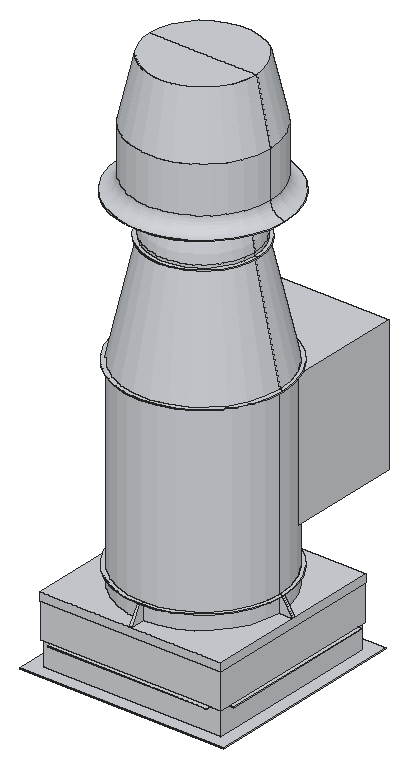
Revit family "QMXVP_with_Isolation_Box", category Mechanical Equipment, Revit 2019 (continued)
Types (225): name | UNIT_RADIUS+4" | UNIT_RADIUS*.6 | UNIT_RADIUS | UNIT_OD | UNIT_HEIGHT*.75 | UNIT_HEIGHT | TYPE | TRANSITION_TOP | RO/2 | RO | NOZZLE_WB_RAD-2" | NOZZLE_WB_RAD | NOZZLE_WB/4 | NOZZLE_TOP_RAD | NOZZLE_TOP_OD | NOZZLE_SIZE | NOZZLE_HEIGHT/7*2 | NOZZLE_HEIGHT | NOZZLE_BOTTOM_RAD | NOZZLE_WB_OD | NOZZLE_BOTTOM_ID | GA | E | C/2 | C | B/2 | B | A/2 | A | Type Comments | Model | (NOZZLE_WB_OD-NOZZLE_TOP_OD)/2 | (NOZZLE_HEIGHT-(NOZZLE_HEIGHT/8*2))/2 | (A/2)+.25"
  225_QMXHPVP-15H-Isolation_Box | 1' - 7 31/32" | 1' - 2.37188" | 1' - 3 31/32" | 2' - 7 15/16" | 2' - 6 3/4" | 3' - 5" | 1' - 0" | 5' - 9 1/8" | 1' - 5 3/8" | 2' - 10 3/4" | 1' - 4" | 1' - 6" | 0' - 7.2" | 0' - 11 1/2" | 1' - 11" | 15' - 0" | 0' - 10 3/4" | 3' - 7" | 0' - 10 11/16" | 3' - 0" | 1' - 9 3/8" | 0' - 0 27/256" | 3' - 4 15/16" | 2' - 4" | 4' - 8" | 4' - 8 1/2" | 9' - 5" | 1' - 9" | 3' - 6" | "Vari-Plume Laboratory Exhaust Mixed-Flow High Pressure Inline Belt Drive With Isolation Box\r\n" | "QMXHPVP-Isolation Box" | 0' - 3 1/4" | 1' - 4 1/8" | 1' - 9 1/4"
  225_QMXHPVP-15L-Isolation_Box | 1' - 7 31/32" | 1' - 2.37188" | 1' - 3 31/32" | 2' - 7 15/16" | 2' - 6 3/4" | 3' - 5" | 1' - 0" | 5' - 9 1/8" | 1' - 5 3/8" | 2' - 10 3/4" | 1' - 4" | 1' - 6" | 0' - 7.2" | 0' - 11 1/2" | 1' - 11" | 15' - 0" | 0' - 10 3/4" | 3' - 7" | 0' - 10 11/16" | 3' - 0" | 1' - 9 3/8" | 0' - 0 27/256" | 3' - 4 15/16" | 2' - 4" | 4' - 8" | 4' - 8 1/2" | 9' - 5" | 1' - 9" | 3' - 6" | "Vari-Plume Laboratory Exhaust Mixed-Flow High Pressure Inline Belt Drive With Isolation Box\r\n" | "QMXHPVP-Isolation Box" | 0' - 3 1/4" | 1' - 4 1/8" | 1' - 9 1/4"
  225_QMXVP-18H-Isolation_Box | 1' - 7 31/32" | 1' - 2.37188" | 1' - 3 31/32" | 2' - 7 15/16" | 2' - 6 3/4" | 3' - 5" | 0' - 0" | 5' - 1 1/8" | 1' - 5 3/8" | 2' - 10 3/4" | 1' - 7 1/2" | 1' - 9 1/2" | 0' - 8.6" | 1' - 1 3/4" | 2' - 3 1/2" | 18' - 0" | 1' - 0" | 4' - 0" | 1' - 0 13/16" | 3' - 7" | 2' - 1 5/8" | 0' - 0 27/256" | 3' - 4 15/16" | 2' - 4" | 4' - 8" | 4' - 8 1/2" | 9' - 5" | 1' - 9" | 3' - 6" | "Vari-Plume Laboratory Exhaust Mixed-Flow Inline Belt Drive With Isolation Box\r\n" | "QMXVP-Isolation Box" | 0' - 3 7/8" | 1' - 6" | 1' - 9 1/4"
  225_QMXHPVP-18L-Isolation_Box | 1' - 7 31/32" | 1' - 2.37188" | 1' - 3 31/32" | 2' - 7 15/16" | 2' - 6 3/4" | 3' - 5" | 1' - 0" | 5' - 1 1/8" | 1' - 5 3/8" | 2' - 10 3/4" | 1' - 7 1/2" | 1' - 9 1/2" | 0' - 8.6" | 1' - 1 3/4" | 2' - 3 1/2" | 18' - 0" | 1' - 0" | 4' - 0" | 1' - 0 13/16" | 3' - 7" | 2' - 1 5/8" | 0' - 0 27/256" | 3' - 4 15/16" | 2' - 4" | 4' - 8" | 4' - 8 1/2" | 9' - 5" | 1' - 9" | 3' - 6" | "Vari-Plume Laboratory Exhaust Mixed-Flow High Pressure Inline Belt Drive With Isolation Box\r\n" | "QMXHPVP-Isolation Box" | 0' - 3 7/8" | 1' - 6" | 1' - 9 1/4"
  225_QMXHPVP-18H-Isolation_Box | 1' - 7 31/32" | 1' - 2.37188" | 1' - 3 31/32" | 2' - 7 15/16" | 2' - 6 3/4" | 3' - 5" | 1' - 0" | 5' - 1 1/8" | 1' - 5 3/8" | 2' - 10 3/4" | 1' - 7 1/2" | 1' - 9 1/2" | 0' - 8.6" | 1' - 1 3/4" | 2' - 3 1/2" | 18' - 0" | 1' - 0" | 4' - 0" | 1' - 0 13/16" | 3' - 7" | 2' - 1 5/8" | 0' - 0 27/256" | 3' - 4 15/16" | 2' - 4" | 4' - 8" | 4' - 8 1/2" | 9' - 5" | 1' - 9" | 3' - 6" | "Vari-Plume Laboratory Exhaust Mixed-Flow High Pressure Inline Belt Drive With Isolation Box\r\n" | "QMXHPVP-Isolation Box" | 0' - 3 7/8" | 1' - 6" | 1' - 9 1/4"
  245_QMXHPVP-15H-Isolation_Box | 1' - 9 3/8" | 1' - 3.6375" | 1' - 5 3/8" | 2' - 10 3/4" | 2' - 9 3/8" | 3' - 8 1/2" | 1' - 0" | 6' - 5 11/16" | 1' - 6 3/8" | 3' - 0 3/4" | 1' - 4" | 1' - 6" | 0' - 7.2" | 0' - 11 1/2" | 1' - 11" | 15' - 0" | 0' - 10 3/4" | 3' - 7" | 0' - 10 11/16" | 3' - 0" | 1' - 9 3/8" | 0' - 0 27/256" | 3' - 6 15/16" | 2' - 5 1/2" | 4' - 11" | 5' - 0 1/2" | 10' - 1" | 1' - 10" | 3' - 8" | "Vari-Plume Laboratory Exhaust Mixed-Flow High Pressure Inline Belt Drive With Isolation Box\r\n" | "QMXHPVP-Isolation Box" | 0' - 3 1/4" | 1' - 4 1/8" | 1' - 10 1/4"
  245_QMXHPVP-15L-Isolation_Box | 1' - 9 3/8" | 1' - 3.6375" | 1' - 5 3/8" | 2' - 10 3/4" | 2' - 9 3/8" | 3' - 8 1/2" | 1' - 0" | 6' - 5 11/16" | 1' - 6 3/8" | 3' - 0 3/4" | 1' - 4" | 1' - 6" | 0' - 7.2" | 0' - 11 1/2" | 1' - 11" | 15' - 0" | 0' - 10 3/4" | 3' - 7" | 0' - 10 11/16" | 3' - 0" | 1' - 9 3/8" | 0' - 0 27/256" | 3' - 6 15/16" | 2' - 5 1/2" | 4' - 11" | 5' - 0 1/2" | 10' - 1" | 1' - 10" | 3' - 8" | "Vari-Plume Laboratory Exhaust Mixed-Flow High Pressure Inline Belt Drive With Isolation Box\r\n" | "QMXHPVP-Isolation Box" | 0' - 3 1/4" | 1' - 4 1/8" | 1' - 10 1/4"
  245_QMXHPVP-18H-Isolation_Box | 1' - 9 3/8" | 1' - 3.6375" | 1' - 5 3/8" | 2' - 10 3/4" | 2' - 9 3/8" | 3' - 8 1/2" | 1' - 0" | 5' - 9 11/16" | 1' - 6 3/8" | 3' - 0 3/4" | 1' - 7 1/2" | 1' - 9 1/2" | 0' - 8.6" | 1' - 1 3/4" | 2' - 3 1/2" | 18' - 0" | 1' - 0" | 4' - 0" | 1' - 0 13/16" | 3' - 7" | 2' - 1 5/8" | 0' - 0 27/256" | 3' - 6 15/16" | 2' - 5 1/2" | 4' - 11" | 5' - 0 1/2" | 10' - 1" | 1' - 10" | 3' - 8" | "Vari-Plume Laboratory Exhaust Mixed-Flow High Pressure Inline Belt Drive With Isolation Box\r\n" | "QMXHPVP-Isolation Box" | 0' - 3 7/8" | 1' - 6" | 1' - 10 1/4"
  245_QMXHPVP-18L-Isolation_Box | 1' - 9 3/8" | 1' - 3.6375" | 1' - 5 3/8" | 2' - 10 3/4" | 2' - 9 3/8" | 3' - 8 1/2" | 1' - 0" | 5' - 9 11/16" | 1' - 6 3/8" | 3' - 0 3/4" | 1' - 7 1/2" | 1' - 9 1/2" | 0' - 8.6" | 1' - 1 3/4" | 2' - 3 1/2" | 18' - 0" | 1' - 0" | 4' - 0" | 1' - 0 13/16" | 3' - 7" | 2' - 1 5/8" | 0' - 0 27/256" | 3' - 6 15/16" | 2' - 5 1/2" | 4' - 11" | 5' - 0 1/2" | 10' - 1" | 1' - 10" | 3' - 8" | "Vari-Plume Laboratory Exhaust Mixed-Flow High Pressure Inline Belt Drive With Isolation Box\r\n" | "QMXHPVP-Isolation Box" | 0' - 3 7/8" | 1' - 6" | 1' - 10 1/4"
  245_QMXHPVP-24H-Isolation_Box | 1' - 9 3/8" | 1' - 3.6375" | 1' - 5 3/8" | 2' - 10 3/4" | 2' - 9 3/8" | 3' - 8 1/2" | 1' - 0" | 4' - 9 3/4" | 1' - 6 3/8" | 3' - 0 3/4" | 2' - 4 1/2" | 2' - 6 1/2" | 1' - 0.2" | 1' - 6 1/4" | 3' - 0 1/2" | 24' - 0" | 1' - 3 1/2" | 5' - 2" | 1' - 5 3/8" | 5' - 1" | 2' - 10 3/4" | 0' - 0 27/256" | 3' - 6 15/16" | 2' - 5 1/2" | 4' - 11" | 5' - 0 1/2" | 10' - 1" | 1' - 10" | 3' - 8" | "Vari-Plume Laboratory Exhaust Mixed-Flow High Pressure Inline Belt Drive With Isolation Box\r\n" | "QMXHPVP-Isolation Box" | 0' - 6 1/8" | 1' - 11 1/4" | 1' - 10 1/4"
  245_QMXHPVP-24L-Isolation_Box | 1' - 9 3/8" | 1' - 3.6375" | 1' - 5 3/8" | 2' - 10 3/4" | 2' - 9 3/8" | 3' - 8 1/2" | 1' - 0" | 4' - 9 3/4" | 1' - 6 3/8" | 3' - 0 3/4" | 2' - 4 1/2" | 2' - 6 1/2" | 1' - 0.2" | 1' - 6 1/4" | 3' - 0 1/2" | 24' - 0" | 1' - 3 1/2" | 5' - 2" | 1' - 5 3/8" | 5' - 1" | 2' - 10 3/4" | 0' - 0 27/256" | 3' - 6 15/16" | 2' - 5 1/2" | 4' - 11" | 5' - 0 1/2" | 10' - 1" | 1' - 10" | 3' - 8" | "Vari-Plume Laboratory Exhaust Mixed-Flow High Pressure Inline Belt Drive With Isolation Box\r\n" | "QMXHPVP-Isolation Box" | 0' - 6 1/8" | 1' - 11 1/4" | 1' - 10 1/4"
  270_QMXHPVP-15H-Isolation_Box | 1' - 11 5/32" | 1' - 5.24062" | 1' - 7 5/32" | 3' - 2 5/16" | 2' - 11 1/4" | 3' - 11" | 1' - 0" | 7' - 2 3/16" | 1' - 8 3/8" | 3' - 4 3/4" | 1' - 4" | 1' - 6" | 0' - 7.2" | 0' - 11 1/2" | 1' - 11" | 15' - 0" | 0' - 10 3/4" | 3' - 7" | 0' - 10 11/16" | 3' - 0" | 1' - 9 3/8" | 0' - 0 27/256" | 3' - 10 15/16" | 2' - 7 1/2" | 5' - 3" | 5' - 4" | 10' - 8" | 2' - 0" | 4' - 0" | "Vari-Plume Laboratory Exhaust Mixed-Flow High Pressure Inline Belt Drive With Isolation Box\r\n" | "QMXHPVP-Isolation Box" | 0' - 3 1/4" | 1' - 4 1/8" | 2' - 0 1/4"
  270_QMXHPVP-15L-Isolation_Box | 1' - 11 5/32" | 1' - 5.24062" | 1' - 7 5/32" | 3' - 2 5/16" | 2' - 11 1/4" | 3' - 11" | 1' - 0" | 7' - 2 3/16" | 1' - 8 3/8" | 3' - 4 3/4" | 1' - 4" | 1' - 6" | 0' - 7.2" | 0' - 11 1/2" | 1' - 11" | 15' - 0" | 0' - 10 3/4" | 3' - 7" | 0' - 10 11/16" | 3' - 0" | 1' - 9 3/8" | 0' - 0 27/256" | 3' - 10 15/16" | 2' - 7 1/2" | 5' - 3" | 5' - 4" | 10' - 8" | 2' - 0" | 4' - 0" | "Vari-Plume Laboratory Exhaust Mixed-Flow High Pressure Inline Belt Drive With Isolation Box\r\n" | "QMXHPVP-Isolation Box" | 0' - 3 1/4" | 1' - 4 1/8" | 2' - 0 1/4"
  270_QMXHPVP-18H-Isolation_Box | 1' - 11 5/32" | 1' - 5.24062" | 1' - 7 5/32" | 3' - 2 5/16" | 2' - 11 1/4" | 3' - 11" | 1' - 0" | 6' - 7 3/16" | 1' - 8 3/8" | 3' - 4 3/4" | 1' - 7 1/2" | 1' - 9 1/2" | 0' - 8.6" | 1' - 1 3/4" | 2' - 3 1/2" | 18' - 0" | 1' - 0" | 4' - 0" | 1' - 0 13/16" | 3' - 7" | 2' - 1 5/8" | 0' - 0 27/256" | 3' - 10 15/16" | 2' - 7 1/2" | 5' - 3" | 5' - 4" | 10' - 8" | 2' - 0" | 4' - 0" | "Vari-Plume Laboratory Exhaust Mixed-Flow High Pressure Inline Belt Drive With Isolation Box\r\n" | "QMXHPVP-Isolation Box" | 0' - 3 7/8" | 1' - 6" | 2' - 0 1/4"
  270_QMXHPVP-18L-Isolation_Box | 1' - 11 5/32" | 1' - 5.24062" | 1' - 7 5/32" | 3' - 2 5/16" | 2' - 11 1/4" | 3' - 11" | 1' - 0" | 6' - 7 3/16" | 1' - 8 3/8" | 3' - 4 3/4" | 1' - 7 1/2" | 1' - 9 1/2" | 0' - 8.6" | 1' - 1 3/4" | 2' - 3 1/2" | 18' - 0" | 1' - 0" | 4' - 0" | 1' - 0 13/16" | 3' - 7" | 2' - 1 5/8" | 0' - 0 27/256" | 3' - 10 15/16" | 2' - 7 1/2" | 5' - 3" | 5' - 4" | 10' - 8" | 2' - 0" | 4' - 0" | "Vari-Plume Laboratory Exhaust Mixed-Flow High Pressure Inline Belt Drive With Isolation Box\r\n" | "QMXHPVP-Isolation Box" | 0' - 3 7/8" | 1' - 6" | 2' - 0 1/4"
  270_QMXHPVP-24H-Isolation_Box | 1' - 11 5/32" | 1' - 5.24062" | 1' - 7 5/32" | 3' - 2 5/16" | 2' - 11 1/4" | 3' - 11" | 1' - 0" | 5' - 2 1/4" | 1' - 8 3/8" | 3' - 4 3/4" | 2' - 4 1/2" | 2' - 6 1/2" | 1' - 0.2" | 1' - 6 1/4" | 3' - 0 1/2" | 24' - 0" | 1' - 3 1/2" | 5' - 2" | 1' - 5 3/8" | 5' - 1" | 2' - 10 3/4" | 0' - 0 27/256" | 3' - 10 15/16" | 2' - 7 1/2" | 5' - 3" | 5' - 4" | 10' - 8" | 2' - 0" | 4' - 0" | "Vari-Plume Laboratory Exhaust Mixed-Flow High Pressure Inline Belt Drive With Isolation Box\r\n" | "QMXHPVP-Isolation Box" | 0' - 6 1/8" | 1' - 11 1/4" | 2' - 0 1/4"
  270_QMXHPVP-24L-Isolation_Box | 1' - 11 5/32" | 1' - 5.24062" | 1' - 7 5/32" | 3' - 2 5/16" | 2' - 11 1/4" | 3' - 11" | 1' - 0" | 5' - 2 1/4" | 1' - 8 3/8" | 3' - 4 3/4" | 2' - 4 1/2" | 2' - 6 1/2" | 1' - 0.2" | 1' - 6 1/4" | 3' - 0 1/2" | 24' - 0" | 1' - 3 1/2" | 5' - 2" | 1' - 5 3/8" | 5' - 1" | 2' - 10 3/4" | 0' - 0 27/256" | 3' - 10 15/16" | 2' - 7 1/2" | 5' - 3" | 5' - 4" | 10' - 8" | 2' - 0" | 4' - 0" | "Vari-Plume Laboratory Exhaust Mixed-Flow High Pressure Inline Belt Drive With Isolation Box\r\n" | "QMXHPVP-Isolation Box" | 0' - 6 1/8" | 1' - 11 1/4" | 2' - 0 1/4"
  300_QMXHPVP-18H-Isolation_Box | 2' - 1 1/4" | 1' - 7 1/8" | 1' - 9 1/4" | 3' - 6 1/2" | 3' - 4 1/2" | 4' - 6" | 1' - 0" | 7' - 10 3/16" | 1' - 10 3/8" | 3' - 8 3/4" | 1' - 7 1/2" | 1' - 9 1/2" | 0' - 8.6" | 1' - 1 3/4" | 2' - 3 1/2" | 18' - 0" | 1' - 0" | 4' - 0" | 1' - 0 13/16" | 3' - 7" | 2' - 1 5/8" | 0' - 0 27/256" | 4' - 2 15/16" | 2' - 9 1/2" | 5' - 7" | 6' - 2" | 12' - 4" | 2' - 2" | 4' - 4" | "Vari-Plume Laboratory Exhaust Mixed-Flow High Pressure Inline Belt Drive With Isolation Box\r\n" | "QMXHPVP-Isolation Box" | 0' - 3 7/8" | 1' - 6" | 2' - 2 1/4"
  300_QMXHPVP-18L-Isolation_Box | 2' - 1 1/4" | 1' - 7 1/8" | 1' - 9 1/4" | 3' - 6 1/2" | 3' - 4 1/2" | 4' - 6" | 1' - 0" | 7' - 10 3/16" | 1' - 10 3/8" | 3' - 8 3/4" | 1' - 7 1/2" | 1' - 9 1/2" | 0' - 8.6" | 1' - 1 3/4" | 2' - 3 1/2" | 18' - 0" | 1' - 0" | 4' - 0" | 1' - 0 13/16" | 3' - 7" | 2' - 1 5/8" | 0' - 0 27/256" | 4' - 2 15/16" | 2' - 9 1/2" | 5' - 7" | 6' - 2" | 12' - 4" | 2' - 2" | 4' - 4" | "Vari-Plume Laboratory Exhaust Mixed-Flow High Pressure Inline Belt Drive With Isolation Box\r\n" | "QMXHPVP-Isolation Box" | 0' - 3 7/8" | 1' - 6" | 2' - 2 1/4"
  300_QMXHPVP-24H-Isolation_Box | 2' - 1 1/4" | 1' - 7 1/8" | 1' - 9 1/4" | 3' - 6 1/2" | 3' - 4 1/2" | 4' - 6" | 1' - 0" | 6' - 5 1/4" | 1' - 10 3/8" | 3' - 8 3/4" | 2' - 4 1/2" | 2' - 6 1/2" | 1' - 0.2" | 1' - 6 1/4" | 3' - 0 1/2" | 24' - 0" | 1' - 3 1/2" | 5' - 2" | 1' - 5 3/8" | 5' - 1" | 2' - 10 3/4" | 0' - 0 27/256" | 4' - 2 15/16" | 2' - 9 1/2" | 5' - 7" | 6' - 2" | 12' - 4" | 2' - 2" | 4' - 4" | "Vari-Plume Laboratory Exhaust Mixed-Flow High Pressure Inline Belt Drive With Isolation Box\r\n" | "QMXHPVP-Isolation Box" | 0' - 6 1/8" | 1' - 11 1/4" | 2' - 2 1/4"
  300_QMXHPVP-24L-Isolation_Box | 2' - 1 1/4" | 1' - 7 1/8" | 1' - 9 1/4" | 3' - 6 1/2" | 3' - 4 1/2" | 4' - 6" | 1' - 0" | 6' - 5 1/4" | 1' - 10 3/8" | 3' - 8 3/4" | 2' - 4 1/2" | 2' - 6 1/2" | 1' - 0.2" | 1' - 6 1/4" | 3' - 0 1/2" | 24' - 0" | 1' - 3 1/2" | 5' - 2" | 1' - 5 3/8" | 5' - 1" | 2' - 10 3/4" | 0' - 0 27/256" | 4' - 2 15/16" | 2' - 9 1/2" | 5' - 7" | 6' - 2" | 12' - 4" | 2' - 2" | 4' - 4" | "Vari-Plume Laboratory Exhaust Mixed-Flow High Pressure Inline Belt Drive With Isolation Box\r\n" | "QMXHPVP-Isolation Box" | 0' - 6 1/8" | 1' - 11 1/4" | 2' - 2 1/4"
  300_QMXHPVP-30H-Isolation_Box | 2' - 1 1/4" | 1' - 7 1/8" | 1' - 9 1/4" | 3' - 6 1/2" | 3' - 4 1/2" | 4' - 6" | 1' - 0" | 5' - 8 1/4" | 1' - 10 3/8" | 3' - 8 3/4" | 2' - 11" | 3' - 1" | 1' - 2.8" | 1' - 10 3/4" | 3' - 9 1/2" | 30' - 0" | 1' - 7 1/2" | 6' - 6" | 1' - 9 1/4" | 6' - 2" | 3' - 6 1/2" | 0' - 0 27/256" | 4' - 2 15/16" | 2' - 9 1/2" | 5' - 7" | 6' - 2" | 12' - 4" | 2' - 2" | 4' - 4" | "Vari-Plume Laboratory Exhaust Mixed-Flow High Pressure Inline Belt Drive With Isolation Box\r\n" | "QMXHPVP-Isolation Box" | 0' - 7 1/8" | 2' - 5 1/4" | 2' - 2 1/4"
  300_QMXHPVP-30L-Isolation_Box | 2' - 1 1/4" | 1' - 7 1/8" | 1' - 9 1/4" | 3' - 6 1/2" | 3' - 4 1/2" | 4' - 6" | 1' - 0" | 5' - 8 1/4" | 1' - 10 3/8" | 3' - 8 3/4" | 2' - 11" | 3' - 1" | 1' - 2.8" | 1' - 10 3/4" | 3' - 9 1/2" | 30' - 0" | 1' - 7 1/2" | 6' - 6" | 1' - 9 1/4" | 6' - 2" | 3' - 6 1/2" | 0' - 0 27/256" | 4' - 2 15/16" | 2' - 9 1/2" | 5' - 7" | 6' - 2" | 12' - 4" | 2' - 2" | 4' - 4" | "Vari-Plume Laboratory Exhaust Mixed-Flow High Pressure Inline Belt Drive With Isolation Box\r\n" | "QMXHPVP-Isolation Box" | 0' - 7 1/8" | 2' - 5 1/4" | 2' - 2 1/4"
  330_QMXHPVP-24H-Isolation_Box | 2' - 3 3/8" | 1' - 9.0375" | 1' - 11 3/8" | 3' - 10 3/4" | 3' - 7 7/8" | 4' - 10 1/2" | 1' - 0" | 7' - 5 3/4" | 2' - 0 5/16" | 4' - 0 5/8" | 2' - 4 1/2" | 2' - 6 1/2" | 1' - 0.2" | 1' - 6 1/4" | 3' - 0 1/2" | 24' - 0" | 1' - 3 1/2" | 5' - 2" | 1' - 5 3/8" | 5' - 1" | 2' - 10 3/4" | 0' - 0 27/256" | 4' - 6 13/16" | 3' - 0 1/2" | 6' - 1" | 6' - 5" | 12' - 10" | 2' - 4" | 4' - 8" | "Vari-Plume Laboratory Exhaust Mixed-Flow High Pressure Inline Belt Drive With Isolation Box\r\n" | "QMXHPVP-Isolation Box" | 0' - 6 1/8" | 1' - 11 1/4" | 2' - 4 1/4"
  330_QMXHPVP-24L-Isolation_Box | 2' - 3 3/8" | 1' - 9.0375" | 1' - 11 3/8" | 3' - 10 3/4" | 3' - 7 7/8" | 4' - 10 1/2" | 1' - 0" | 7' - 5 3/4" | 2' - 0 5/16" | 4' - 0 5/8" | 2' - 4 1/2" | 2' - 6 1/2" | 1' - 0.2" | 1' - 6 1/4" | 3' - 0 1/2" | 24' - 0" | 1' - 3 1/2" | 5' - 2" | 1' - 5 3/8" | 5' - 1" | 2' - 10 3/4" | 0' - 0 27/256" | 4' - 6 13/16" | 3' - 0 1/2" | 6' - 1" | 6' - 5" | 12' - 10" | 2' - 4" | 4' - 8" | "Vari-Plume Laboratory Exhaust Mixed-Flow High Pressure Inline Belt Drive With Isolation Box\r\n" | "QMXHPVP-Isolation Box" | 0' - 6 1/8" | 1' - 11 1/4" | 2' - 4 1/4"
  330_QMXHPVP-30H-Isolation_Box | 2' - 3 3/8" | 1' - 9.0375" | 1' - 11 3/8" | 3' - 10 3/4" | 3' - 7 7/8" | 4' - 10 1/2" | 1' - 0" | 6' - 2 3/4" | 2' - 0 5/16" | 4' - 0 5/8" | 2' - 11" | 3' - 1" | 1' - 2.8" | 1' - 10 3/4" | 3' - 9 1/2" | 30' - 0" | 1' - 7 1/2" | 6' - 6" | 1' - 9 1/4" | 6' - 2" | 3' - 6 1/2" | 0' - 0 27/256" | 4' - 6 13/16" | 3' - 0 1/2" | 6' - 1" | 6' - 5" | 12' - 10" | 2' - 4" | 4' - 8" | "Vari-Plume Laboratory Exhaust Mixed-Flow High Pressure Inline Belt Drive With Isolation Box\r\n" | "QMXHPVP-Isolation Box" | 0' - 7 1/8" | 2' - 5 1/4" | 2' - 4 1/4"
  330_QMXHPVP-30L-Isolation_Box | 2' - 3 3/8" | 1' - 9.0375" | 1' - 11 3/8" | 3' - 10 3/4" | 3' - 7 7/8" | 4' - 10 1/2" | 1' - 0" | 6' - 2 3/4" | 2' - 0 5/16" | 4' - 0 5/8" | 2' - 11" | 3' - 1" | 1' - 2.8" | 1' - 10 3/4" | 3' - 9 1/2" | 30' - 0" | 1' - 7 1/2" | 6' - 6" | 1' - 9 1/4" | 6' - 2" | 3' - 6 1/2" | 0' - 0 27/256" | 4' - 6 13/16" | 3' - 0 1/2" | 6' - 1" | 6' - 5" | 12' - 10" | 2' - 4" | 4' - 8" | "Vari-Plume Laboratory Exhaust Mixed-Flow High Pressure Inline Belt Drive With Isolation Box\r\n" | "QMXHPVP-Isolation Box" | 0' - 7 1/8" | 2' - 5 1/4" | 2' - 4 1/4"
  365_QMXHPVP-24H-Isolation_Box | 2' - 5 7/8" | 1' - 11.2875" | 2' - 1 7/8" | 4' - 3 3/4" | 4' - 0" | 5' - 4" | 1' - 0" | 8' - 8 1/4" | 2' - 3 1/4" | 4' - 6 1/2" | 2' - 4 1/2" | 2' - 6 1/2" | 1' - 0.2" | 1' - 6 1/4" | 3' - 0 1/2" | 24' - 0" | 1' - 3 1/2" | 5' - 2" | 1' - 5 3/8" | 5' - 1" | 2' - 10 3/4" | 0' - 0 27/256" | 5' - 0 3/4" | 3' - 3 1/2" | 6' - 7" | 7' - 3 1/2" | 14' - 7" | 2' - 7" | 5' - 2" | "Vari-Plume Laboratory Exhaust Mixed-Flow High Pressure Inline Belt Drive With Isolation Box\r\n" | "QMXHPVP-Isolation Box" | 0' - 6 1/8" | 1' - 11 1/4" | 2' - 7 1/4"
  365_QMXHPVP-24L-Isolation_Box | 2' - 5 7/8" | 1' - 11.2875" | 2' - 1 7/8" | 4' - 3 3/4" | 4' - 0" | 5' - 4" | 1' - 0" | 8' - 8 1/4" | 2' - 3 1/4" | 4' - 6 1/2" | 2' - 4 1/2" | 2' - 6 1/2" | 1' - 0.2" | 1' - 6 1/4" | 3' - 0 1/2" | 24' - 0" | 1' - 3 1/2" | 5' - 2" | 1' - 5 3/8" | 5' - 1" | 2' - 10 3/4" | 0' - 0 27/256" | 5' - 0 3/4" | 3' - 3 1/2" | 6' - 7" | 7' - 3 1/2" | 14' - 7" | 2' - 7" | 5' - 2" | "Vari-Plume Laboratory Exhaust Mixed-Flow High Pressure Inline Belt Drive With Isolation Box\r\n" | "QMXHPVP-Isolation Box" | 0' - 6 1/8" | 1' - 11 1/4" | 2' - 7 1/4"
  365_QMXHPVP-30H-Isolation_Box | 2' - 5 7/8" | 1' - 11.2875" | 2' - 1 7/8" | 4' - 3 3/4" | 4' - 0" | 5' - 4" | 1' - 0" | 7' - 5 1/2" | 2' - 3 1/4" | 4' - 6 1/2" | 2' - 11" | 3' - 1" | 1' - 2.8" | 1' - 10 3/4" | 3' - 9 1/2" | 30' - 0" | 1' - 7 1/2" | 6' - 6" | 1' - 9 1/4" | 6' - 2" | 3' - 6 1/2" | 0' - 0 27/256" | 5' - 0 3/4" | 3' - 3 1/2" | 6' - 7" | 7' - 3 1/2" | 14' - 7" | 2' - 7" | 5' - 2" | "Vari-Plume Laboratory Exhaust Mixed-Flow High Pressure Inline Belt Drive With Isolation Box\r\n" | "QMXHPVP-Isolation Box" | 0' - 7 1/8" | 2' - 5 1/4" | 2' - 7 1/4"
  365_QMXHPVP-30L-Isolation_Box | 2' - 5 7/8" | 1' - 11.2875" | 2' - 1 7/8" | 4' - 3 3/4" | 4' - 0" | 5' - 4" | 1' - 0" | 7' - 5 1/2" | 2' - 3 1/4" | 4' - 6 1/2" | 2' - 11" | 3' - 1" | 1' - 2.8" | 1' - 10 3/4" | 3' - 9 1/2" | 30' - 0" | 1' - 7 1/2" | 6' - 6" | 1' - 9 1/4" | 6' - 2" | 3' - 6 1/2" | 0' - 0 27/256" | 5' - 0 3/4" | 3' - 3 1/2" | 6' - 7" | 7' - 3 1/2" | 14' - 7" | 2' - 7" | 5' - 2" | "Vari-Plume Laboratory Exhaust Mixed-Flow High Pressure Inline Belt Drive With Isolation Box\r\n" | "QMXHPVP-Isolation Box" | 0' - 7 1/8" | 2' - 5 1/4" | 2' - 7 1/4"
  365_QMXVP-36H-Isolation_Box | 2' - 5 7/8" | 1' - 11.2875" | 2' - 1 7/8" | 4' - 3 3/4" | 4' - 0" | 5' - 4" | 0' - 0" | 6' - 6 1/4" | 2' - 3 1/4" | 4' - 6 1/2" | 3' - 7" | 3' - 9" | 1' - 6" | 2' - 5" | 4' - 10" | 36' - 0" | 1' - 11 3/4" | 7' - 11" | 2' - 1 7/8" | 7' - 6" | 4' - 3 3/4" | 0' - 0 27/256" | 5' - 0 3/4" | 3' - 3 1/2" | 6' - 7" | 7' - 3 1/2" | 14' - 7" | 2' - 7" | 5' - 2" | "Vari-Plume Laboratory Exhaust Mixed-Flow Inline Belt Drive With Isolation Box\r\n" | "QMXVP-Isolation Box" | 0' - 8" | 2' - 11 5/8" | 2' - 7 1/4"
  365_QMXHPVP-36L-Isolation_Box | 2' - 5 7/8" | 1' - 11.2875" | 2' - 1 7/8" | 4' - 3 3/4" | 4' - 0" | 5' - 4" | 1' - 0" | 6' - 6 1/4" | 2' - 3 1/4" | 4' - 6 1/2" | 3' - 7" | 3' - 9" | 1' - 6" | 2' - 5" | 4' - 10" | 36' - 0" | 1' - 11 3/4" | 7' - 11" | 2' - 1 7/8" | 7' - 6" | 4' - 3 3/4" | 0' - 0 27/256" | 5' - 0 3/4" | 3' - 3 1/2" | 6' - 7" | 7' - 3 1/2" | 14' - 7" | 2' - 7" | 5' - 2" | "Vari-Plume Laboratory Exhaust Mixed-Flow High Pressure Inline Belt Drive With Isolation Box\r\n" | "QMXHPVP-Isolation Box" | 0' - 8" | 2' - 11 5/8" | 2' - 7 1/4"
  365_QMXHPVP-36H-Isolation_Box | 2' - 5 7/8" | 1' - 11.2875" | 2' - 1 7/8" | 4' - 3 3/4" | 4' - 0" | 5' - 4" | 1' - 0" | 6' - 6 1/4" | 2' - 3 1/4" | 4' - 6 1/2" | 3' - 7" | 3' - 9" | 1' - 6" | 2' - 5" | 4' - 10" | 36' - 0" | 1' - 11 3/4" | 7' - 11" | 2' - 1 7/8" | 7' - 6" | 4' - 3 3/4" | 0' - 0 27/256" | 5' - 0 3/4" | 3' - 3 1/2" | 6' - 7" | 7' - 3 1/2" | 14' - 7" | 2' - 7" | 5' - 2" | "Vari-Plume Laboratory Exhaust Mixed-Flow High Pressure Inline Belt Drive With Isolation Box\r\n" | "QMXHPVP-Isolation Box" | 0' - 8" | 2' - 11 5/8" | 2' - 7 1/4"
  402_QMXHPVP-24H-Isolation_Box | 2' - 8 15/32" | 2' - 1.62188" | 2' - 4 15/32" | 4' - 8 15/16" | 4' - 3 3/8" | 5' - 8 1/2" | 1' - 0" | 9' - 10 3/4" | 2' - 5 23/32" | 4' - 11 7/16" | 2' - 4 1/2" | 2' - 6 1/2" | 1' - 0.2" | 1' - 6 1/4" | 3' - 0 1/2" | 24' - 0" | 1' - 3 1/2" | 5' - 2" | 1' - 5 3/8" | 5' - 1" | 2' - 10 3/4" | 0' - 0 27/256" | 5' - 5 3/4" | 3' - 8" | 7' - 4" | 7' - 7 1/2" | 15' - 3" | 2' - 9 1/2" | 5' - 7" | "Vari-Plume Laboratory Exhaust Mixed-Flow High Pressure Inline Belt Drive With Isolation Box\r\n" | "QMXHPVP-Isolation Box" | 0' - 6 1/8" | 1' - 11 1/4" | 2' - 9 3/4"
  402_QMXHPVP-24L-Isolation_Box | 2' - 8 15/32" | 2' - 1.62188" | 2' - 4 15/32" | 4' - 8 15/16" | 4' - 3 3/8" | 5' - 8 1/2" | 1' - 0" | 9' - 10 3/4" | 2' - 5 23/32" | 4' - 11 7/16" | 2' - 4 1/2" | 2' - 6 1/2" | 1' - 0.2" | 1' - 6 1/4" | 3' - 0 1/2" | 24' - 0" | 1' - 3 1/2" | 5' - 2" | 1' - 5 3/8" | 5' - 1" | 2' - 10 3/4" | 0' - 0 27/256" | 5' - 5 3/4" | 3' - 8" | 7' - 4" | 7' - 7 1/2" | 15' - 3" | 2' - 9 1/2" | 5' - 7" | "Vari-Plume Laboratory Exhaust Mixed-Flow High Pressure Inline Belt Drive With Isolation Box\r\n" | "QMXHPVP-Isolation Box" | 0' - 6 1/8" | 1' - 11 1/4" | 2' - 9 3/4"
  402_QMXHPVP-30H-Isolation_Box | 2' - 8 15/32" | 2' - 1.62188" | 2' - 4 15/32" | 4' - 8 15/16" | 4' - 3 3/8" | 5' - 8 1/2" | 1' - 0" | 8' - 7 3/4" | 2' - 5 23/32" | 4' - 11 7/16" | 2' - 11" | 3' - 1" | 1' - 2.8" | 1' - 10 3/4" | 3' - 9 1/2" | 30' - 0" | 1' - 7 1/2" | 6' - 6" | 1' - 9 1/4" | 6' - 2" | 3' - 6 1/2" | 0' - 0 27/256" | 5' - 5 3/4" | 3' - 8" | 7' - 4" | 7' - 7 1/2" | 15' - 3" | 2' - 9 1/2" | 5' - 7" | "Vari-Plume Laboratory Exhaust Mixed-Flow High Pressure Inline Belt Drive With Isolation Box\r\n" | "QMXHPVP-Isolation Box" | 0' - 7 1/8" | 2' - 5 1/4" | 2' - 9 3/4"
  402_QMXHPVP-30L-Isolation_Box | 2' - 8 15/32" | 2' - 1.62188" | 2' - 4 15/32" | 4' - 8 15/16" | 4' - 3 3/8" | 5' - 8 1/2" | 1' - 0" | 8' - 7 3/4" | 2' - 5 23/32" | 4' - 11 7/16" | 2' - 11" | 3' - 1" | 1' - 2.8" | 1' - 10 3/4" | 3' - 9 1/2" | 30' - 0" | 1' - 7 1/2" | 6' - 6" | 1' - 9 1/4" | 6' - 2" | 3' - 6 1/2" | 0' - 0 27/256" | 5' - 5 3/4" | 3' - 8" | 7' - 4" | 7' - 7 1/2" | 15' - 3" | 2' - 9 1/2" | 5' - 7" | "Vari-Plume Laboratory Exhaust Mixed-Flow High Pressure Inline Belt Drive With Isolation Box\r\n" | "QMXHPVP-Isolation Box" | 0' - 7 1/8" | 2' - 5 1/4" | 2' - 9 3/4"
  402_QMXHPVP-36H-Isolation_Box | 2' - 8 15/32" | 2' - 1.62188" | 2' - 4 15/32" | 4' - 8 15/16" | 4' - 3 3/8" | 5' - 8 1/2" | 1' - 0" | 7' - 2 3/4" | 2' - 5 23/32" | 4' - 11 7/16" | 3' - 7" | 3' - 9" | 1' - 6" | 2' - 5" | 4' - 10" | 36' - 0" | 1' - 11 3/4" | 7' - 11" | 2' - 1 7/8" | 7' - 6" | 4' - 3 3/4" | 0' - 0 27/256" | 5' - 5 3/4" | 3' - 8" | 7' - 4" | 7' - 7 1/2" | 15' - 3" | 2' - 9 1/2" | 5' - 7" | "Vari-Plume Laboratory Exhaust Mixed-Flow High Pressure Inline Belt Drive With Isolation Box\r\n" | "QMXHPVP-Isolation Box" | 0' - 8" | 2' - 11 5/8" | 2' - 9 3/4"
  402_QMXHPVP-36L-Isolation_Box | 2' - 8 15/32" | 2' - 1.62188" | 2' - 4 15/32" | 4' - 8 15/16" | 4' - 3 3/8" | 5' - 8 1/2" | 1' - 0" | 7' - 2 3/4" | 2' - 5 23/32" | 4' - 11 7/16" | 3' - 7" | 3' - 9" | 1' - 6" | 2' - 5" | 4' - 10" | 36' - 0" | 1' - 11 3/4" | 7' - 11" | 2' - 1 7/8" | 7' - 6" | 4' - 3 3/4" | 0' - 0 27/256" | 5' - 5 3/4" | 3' - 8" | 7' - 4" | 7' - 7 1/2" | 15' - 3" | 2' - 9 1/2" | 5' - 7" | "Vari-Plume Laboratory Exhaust Mixed-Flow High Pressure Inline Belt Drive With Isolation Box\r\n" | "QMXHPVP-Isolation Box" | 0' - 8" | 2' - 11 5/8" | 2' - 9 3/4"
  445_QMXHPVP-30H-Isolation_Box | 2' - 11 17/32" | 2' - 4.37812" | 2' - 7 17/32" | 5' - 3 1/16" | 4' - 7 1/2" | 6' - 2" | 1' - 0" | 10' - 1 1/4" | 2' - 9 7/32" | 5' - 6 7/16" | 2' - 11" | 3' - 1" | 1' - 2.8" | 1' - 10 3/4" | 3' - 9 1/2" | 30' - 0" | 1' - 7 1/2" | 6' - 6" | 1' - 9 1/4" | 6' - 2" | 3' - 6 1/2" | 0' - 0 27/256" | 6' - 0 5/8" | 3' - 11 1/2" | 7' - 11" | 8' - 4 1/2" | 16' - 9" | 3' - 1" | 6' - 2" | "Vari-Plume Laboratory Exhaust Mixed-Flow High Pressure Inline Belt Drive With Isolation Box\r\n" | "QMXHPVP-Isolation Box" | 0' - 7 1/8" | 2' - 5 1/4" | 3' - 1 1/4"
  445_QMXHPVP-30L-Isolation_Box | 2' - 11 17/32" | 2' - 4.37812" | 2' - 7 17/32" | 5' - 3 1/16" | 4' - 7 1/2" | 6' - 2" | 1' - 0" | 10' - 1 1/4" | 2' - 9 7/32" | 5' - 6 7/16" | 2' - 11" | 3' - 1" | 1' - 2.8" | 1' - 10 3/4" | 3' - 9 1/2" | 30' - 0" | 1' - 7 1/2" | 6' - 6" | 1' - 9 1/4" | 6' - 2" | 3' - 6 1/2" | 0' - 0 27/256" | 6' - 0 5/8" | 3' - 11 1/2" | 7' - 11" | 8' - 4 1/2" | 16' - 9" | 3' - 1" | 6' - 2" | "Vari-Plume Laboratory Exhaust Mixed-Flow High Pressure Inline Belt Drive With Isolation Box\r\n" | "QMXHPVP-Isolation Box" | 0' - 7 1/8" | 2' - 5 1/4" | 3' - 1 1/4"
  445_QMXHPVP-36H-Isolation_Box | 2' - 11 17/32" | 2' - 4.37812" | 2' - 7 17/32" | 5' - 3 1/16" | 4' - 7 1/2" | 6' - 2" | 1' - 0" | 8' - 7 1/4" | 2' - 9 7/32" | 5' - 6 7/16" | 3' - 7" | 3' - 9" | 1' - 6" | 2' - 5" | 4' - 10" | 36' - 0" | 1' - 11 3/4" | 7' - 11" | 2' - 1 7/8" | 7' - 6" | 4' - 3 3/4" | 0' - 0 27/256" | 6' - 0 5/8" | 3' - 11 1/2" | 7' - 11" | 8' - 4 1/2" | 16' - 9" | 3' - 1" | 6' - 2" | "Vari-Plume Laboratory Exhaust Mixed-Flow High Pressure Inline Belt Drive With Isolation Box\r\n" | "QMXHPVP-Isolation Box" | 0' - 8" | 2' - 11 5/8" | 3' - 1 1/4"
  445_QMXHPVP-36L-Isolation_Box | 2' - 11 17/32" | 2' - 4.37812" | 2' - 7 17/32" | 5' - 3 1/16" | 4' - 7 1/2" | 6' - 2" | 1' - 0" | 8' - 7 1/4" | 2' - 9 7/32" | 5' - 6 7/16" | 3' - 7" | 3' - 9" | 1' - 6" | 2' - 5" | 4' - 10" | 36' - 0" | 1' - 11 3/4" | 7' - 11" | 2' - 1 7/8" | 7' - 6" | 4' - 3 3/4" | 0' - 0 27/256" | 6' - 0 5/8" | 3' - 11 1/2" | 7' - 11" | 8' - 4 1/2" | 16' - 9" | 3' - 1" | 6' - 2" | "Vari-Plume Laboratory Exhaust Mixed-Flow High Pressure Inline Belt Drive With Isolation Box\r\n" | "QMXHPVP-Isolation Box" | 0' - 8" | 2' - 11 5/8" | 3' - 1 1/4"
  490_QMXHPVP-30H-Isolation_Box | 3' - 2 11/16" | 2' - 7 7/32" | 2' - 10 11/16" | 5' - 9 3/8" | 5' - 0 3/8" | 6' - 8 1/2" | 1' - 0" | 11' - 7 3/4" | 3' - 0 1/8" | 6' - 0 1/4" | 2' - 11" | 3' - 1" | 1' - 2.8" | 1' - 10 3/4" | 3' - 9 1/2" | 30' - 0" | 1' - 7 1/2" | 6' - 6" | 1' - 9 1/4" | 6' - 2" | 3' - 6 1/2" | 0' - 0 17/128" | 6' - 6 1/2" | 4' - 3 1/2" | 8' - 7" | 9' - 1 1/2" | 18' - 3" | 3' - 4" | 6' - 8" | "Vari-Plume Laboratory Exhaust Mixed-Flow High Pressure Inline Belt Drive With Isolation Box\r\n" | "QMXHPVP-Isolation Box" | 0' - 7 1/8" | 2' - 5 1/4" | 3' - 4 1/4"
  490_QMXHPVP-30L-Isolation_Box | 3' - 2 11/16" | 2' - 7 7/32" | 2' - 10 11/16" | 5' - 9 3/8" | 5' - 0 3/8" | 6' - 8 1/2" | 1' - 0" | 11' - 7 3/4" | 3' - 0 1/8" | 6' - 0 1/4" | 2' - 11" | 3' - 1" | 1' - 2.8" | 1' - 10 3/4" | 3' - 9 1/2" | 30' - 0" | 1' - 7 1/2" | 6' - 6" | 1' - 9 1/4" | 6' - 2" | 3' - 6 1/2" | 0' - 0 17/128" | 6' - 6 1/2" | 4' - 3 1/2" | 8' - 7" | 9' - 1 1/2" | 18' - 3" | 3' - 4" | 6' - 8" | "Vari-Plume Laboratory Exhaust Mixed-Flow High Pressure Inline Belt Drive With Isolation Box\r\n" | "QMXHPVP-Isolation Box" | 0' - 7 1/8" | 2' - 5 1/4" | 3' - 4 1/4"
  490_QMXHPVP-36H-Isolation_Box | 3' - 2 11/16" | 2' - 7 7/32" | 2' - 10 11/16" | 5' - 9 3/8" | 5' - 0 3/8" | 6' - 8 1/2" | 1' - 0" | 10' - 2 3/4" | 3' - 0 1/8" | 6' - 0 1/4" | 3' - 7" | 3' - 9" | 1' - 6" | 2' - 5" | 4' - 10" | 36' - 0" | 1' - 11 3/4" | 7' - 11" | 2' - 1 7/8" | 7' - 6" | 4' - 3 3/4" | 0' - 0 17/128" | 6' - 6 1/2" | 4' - 3 1/2" | 8' - 7" | 9' - 1 1/2" | 18' - 3" | 3' - 4" | 6' - 8" | "Vari-Plume Laboratory Exhaust Mixed-Flow High Pressure Inline Belt Drive With Isolation Box\r\n" | "QMXHPVP-Isolation Box" | 0' - 8" | 2' - 11 5/8" | 3' - 4 1/4"
  490_QMXHPVP-36L-Isolation_Box | 3' - 2 11/16" | 2' - 7 7/32" | 2' - 10 11/16" | 5' - 9 3/8" | 5' - 0 3/8" | 6' - 8 1/2" | 1' - 0" | 10' - 2 3/4" | 3' - 0 1/8" | 6' - 0 1/4" | 3' - 7" | 3' - 9" | 1' - 6" | 2' - 5" | 4' - 10" | 36' - 0" | 1' - 11 3/4" | 7' - 11" | 2' - 1 7/8" | 7' - 6" | 4' - 3 3/4" | 0' - 0 17/128" | 6' - 6 1/2" | 4' - 3 1/2" | 8' - 7" | 9' - 1 1/2" | 18' - 3" | 3' - 4" | 6' - 8" | "Vari-Plume Laboratory Exhaust Mixed-Flow High Pressure Inline Belt Drive With Isolation Box\r\n" | "QMXHPVP-Isolation Box" | 0' - 8" | 2' - 11 5/8" | 3' - 4 1/4"
  490_QMXHPVP-49H-Isolation_Box | 3' - 2 11/16" | 2' - 7 7/32" | 2' - 10 11/16" | 5' - 9 3/8" | 5' - 0 3/8" | 6' - 8 1/2" | 1' - 0" | 8' - 0 3/4" | 3' - 0 1/8" | 6' - 0 1/4" | 4' - 0 1/2" | 4' - 2 1/2" | 1' - 8.2" | 3' - 2" | 6' - 4" | 49' - 0" | 2' - 3 1/2" | 9' - 2" | 2' - 10 11/16" | 8' - 5" | 5' - 9 3/8" | 0' - 0 17/128" | 6' - 6 1/2" | 4' - 3 1/2" | 8' - 7" | 9' - 1 1/2" | 18' - 3" | 3' - 4" | 6' - 8" | "Vari-Plume Laboratory Exhaust Mixed-Flow High Pressure Inline Belt Drive With Isolation Box\r\n" | "QMXHPVP-Isolation Box" | 0' - 6 1/4" | 3' - 5 1/4" | 3' - 4 1/4"
  540_QMXHPVP-36H-Isolation_Box | 3' - 6 7/32" | 2' - 10.39687" | 3' - 2 7/32" | 6' - 4 7/16" | 5' - 5 1/4" | 7' - 3" | 1' - 0" | 11' - 10 1/4" | 3' - 3 9/16" | 6' - 7 1/8" | 3' - 7" | 3' - 9" | 1' - 6" | 2' - 5" | 4' - 10" | 36' - 0" | 1' - 11 3/4" | 7' - 11" | 2' - 1 7/8" | 7' - 6" | 4' - 3 3/4" | 0' - 0 17/128" | 7' - 1 3/8" | 4' - 7 1/2" | 9' - 3" | 9' - 11 1/2" | 19' - 11" | 3' - 9" | 7' - 6" | "Vari-Plume Laboratory Exhaust Mixed-Flow High Pressure Inline Belt Drive With Isolation Box\r\n" | "QMXHPVP-Isolation Box" | 0' - 8" | 2' - 11 5/8" | 3' - 9 1/4"
  540_QMXHPVP-36L-Isolation_Box | 3' - 6 7/32" | 2' - 10.39687" | 3' - 2 7/32" | 6' - 4 7/16" | 5' - 5 1/4" | 7' - 3" | 1' - 0" | 11' - 10 1/4" | 3' - 3 9/16" | 6' - 7 1/8" | 3' - 7" | 3' - 9" | 1' - 6" | 2' - 5" | 4' - 10" | 36' - 0" | 1' - 11 3/4" | 7' - 11" | 2' - 1 7/8" | 7' - 6" | 4' - 3 3/4" | 0' - 0 17/128" | 7' - 1 3/8" | 4' - 7 1/2" | 9' - 3" | 9' - 11 1/2" | 19' - 11" | 3' - 9" | 7' - 6" | "Vari-Plume Laboratory Exhaust Mixed-Flow High Pressure Inline Belt Drive With Isolation Box\r\n" | "QMXHPVP-Isolation Box" | 0' - 8" | 2' - 11 5/8" | 3' - 9 1/4"
  540_QMXHPVP-49H-Isolation_Box | 3' - 6 7/32" | 2' - 10.39687" | 3' - 2 7/32" | 6' - 4 7/16" | 5' - 5 1/4" | 7' - 3" | 1' - 0" | 10' - 1 1/4" | 3' - 3 9/16" | 6' - 7 1/8" | 4' - 0 1/2" | 4' - 2 1/2" | 1' - 8.2" | 3' - 2" | 6' - 4" | 49' - 0" | 2' - 3 1/2" | 9' - 2" | 2' - 10 11/16" | 8' - 5" | 5' - 9 3/8" | 0' - 0 17/128" | 7' - 1 3/8" | 4' - 7 1/2" | 9' - 3" | 9' - 11 1/2" | 19' - 11" | 3' - 9" | 7' - 6" | "Vari-Plume Laboratory Exhaust Mixed-Flow High Pressure Inline Belt Drive With Isolation Box\r\n" | "QMXHPVP-Isolation Box" | 0' - 6 1/4" | 3' - 5 1/4" | 3' - 9 1/4"
  540_QMXHPVP-49L-Isolation_Box | 3' - 6 7/32" | 2' - 10.39687" | 3' - 2 7/32" | 6' - 4 7/16" | 5' - 5 1/4" | 7' - 3" | 1' - 0" | 10' - 1 1/4" | 3' - 3 9/16" | 6' - 7 1/8" | 4' - 0 1/2" | 4' - 2 1/2" | 1' - 8.2" | 3' - 2" | 6' - 4" | 49' - 0" | 2' - 3 1/2" | 9' - 2" | 2' - 10 11/16" | 8' - 5" | 5' - 9 3/8" | 0' - 0 17/128" | 7' - 1 3/8" | 4' - 7 1/2" | 9' - 3" | 9' - 11 1/2" | 19' - 11" | 3' - 9" | 7' - 6" | "Vari-Plume Laboratory Exhaust Mixed-Flow High Pressure Inline Belt Drive With Isolation Box\r\n" | "QMXHPVP-Isolation Box" | 0' - 6 1/4" | 3' - 5 1/4" | 3' - 9 1/4"
  600_QMXHPVP-36H-Isolation_Box | 3' - 10 7/16" | 3' - 2.19375" | 3' - 6 7/16" | 7' - 0 7/8" | 5' - 11 5/8" | 7' - 11 1/2" | 1' - 0" | 14' - 2 3/4" | 3' - 8 1/32" | 7' - 4 1/16" | 3' - 7" | 3' - 9" | 1' - 6" | 2' - 5" | 4' - 10" | 36' - 0" | 1' - 11 3/4" | 7' - 11" | 2' - 1 7/8" | 7' - 6" | 4' - 3 3/4" | 0' - 0 23/128" | 7' - 10 3/8" | 5' - 1" | 10' - 2" | 10' - 11 1/2" | 21' - 11" | 4' - 2 1/2" | 8' - 5" | "Vari-Plume Laboratory Exhaust Mixed-Flow High Pressure Inline Belt Drive With Isolation Box\r\n" | "QMXHPVP-Isolation Box" | 0' - 8" | 2' - 11 5/8" | 4' - 2 3/4"
  600_QMXHPVP-36L-Isolation_Box | 3' - 10 7/16" | 3' - 2.19375" | 3' - 6 7/16" | 7' - 0 7/8" | 5' - 11 5/8" | 7' - 11 1/2" | 1' - 0" | 14' - 2 3/4" | 3' - 8 1/32" | 7' - 4 1/16" | 3' - 7" | 3' - 9" | 1' - 6" | 2' - 5" | 4' - 10" | 36' - 0" | 1' - 11 3/4" | 7' - 11" | 2' - 1 7/8" | 7' - 6" | 4' - 3 3/4" | 0' - 0 23/128" | 7' - 10 3/8" | 5' - 1" | 10' - 2" | 10' - 11 1/2" | 21' - 11" | 4' - 2 1/2" | 8' - 5" | "Vari-Plume Laboratory Exhaust Mixed-Flow High Pressure Inline Belt Drive With Isolation Box\r\n" | "QMXHPVP-Isolation Box" | 0' - 8" | 2' - 11 5/8" | 4' - 2 3/4"
  600_QMXHPVP-49H-Isolation_Box | 3' - 10 7/16" | 3' - 2.19375" | 3' - 6 7/16" | 7' - 0 7/8" | 5' - 11 5/8" | 7' - 11 1/2" | 1' - 0" | 12' - 4 3/4" | 3' - 8 1/32" | 7' - 4 1/16" | 4' - 0 1/2" | 4' - 2 1/2" | 1' - 8.2" | 3' - 2" | 6' - 4" | 49' - 0" | 2' - 3 1/2" | 9' - 2" | 2' - 10 11/16" | 8' - 5" | 5' - 9 3/8" | 0' - 0 23/128" | 7' - 10 3/8" | 5' - 1" | 10' - 2" | 10' - 11 1/2" | 21' - 11" | 4' - 2 1/2" | 8' - 5" | "Vari-Plume Laboratory Exhaust Mixed-Flow High Pressure Inline Belt Drive With Isolation Box\r\n" | "QMXHPVP-Isolation Box" | 0' - 6 1/4" | 3' - 5 1/4" | 4' - 2 3/4"
  600_QMXHPVP-49L-Isolation_Box | 3' - 10 7/16" | 3' - 2.19375" | 3' - 6 7/16" | 7' - 0 7/8" | 5' - 11 5/8" | 7' - 11 1/2" | 1' - 0" | 12' - 4 3/4" | 3' - 8 1/32" | 7' - 4 1/16" | 4' - 0 1/2" | 4' - 2 1/2" | 1' - 8.2" | 3' - 2" | 6' - 4" | 49' - 0" | 2' - 3 1/2" | 9' - 2" | 2' - 10 11/16" | 8' - 5" | 5' - 9 3/8" | 0' - 0 23/128" | 7' - 10 3/8" | 5' - 1" | 10' - 2" | 10' - 11 1/2" | 21' - 11" | 4' - 2 1/2" | 8' - 5" | "Vari-Plume Laboratory Exhaust Mixed-Flow High Pressure Inline Belt Drive With Isolation Box\r\n" | "QMXHPVP-Isolation Box" | 0' - 6 1/4" | 3' - 5 1/4" | 4' - 2 3/4"
  90_QMXHPVP-9H-Isolation_Box | 0' - 10 13/32" | 0' - 5 49/64" | 0' - 6 13/32" | 1' - 0 13/16" | 1' - 2 29/32" | 1' - 7 7/8" | 1' - 0" | 3' - 1 1/16" | 0' - 10 1/2" | 1' - 9" | 0' - 9 1/2" | 0' - 11 1/2" | 0' - 4.6" | 0' - 6 3/4" | 1' - 1 1/2" | 9' - 0" | 0' - 7" | 2' - 4" | 0' - 6 13/32" | 1' - 11" | 1' - 0 13/16" | 0' - 0 27/256" | 2' - 3 3/16" | 1' - 3" | 2' - 6" | 2' - 8 1/2" | 5' - 5" | 1' - 2" | 2' - 4" | "Vari-Plume Laboratory Exhaust Mixed-Flow High Pressure Inline Belt Drive With Isolation Box\r\n" | "QMXHPVP-Isolation Box" | 0' - 2 3/8" | 0' - 10 1/2" | 1' - 2 1/4"
  90_QMXHPVP-9L-Isolation_Box | 0' - 10 13/32" | 0' - 5 49/64" | 0' - 6 13/32" | 1' - 0 13/16" | 1' - 2 29/32" | 1' - 7 7/8" | 1' - 0" | 3' - 1 1/16" | 0' - 10 1/2" | 1' - 9" | 0' - 9 1/2" | 0' - 11 1/2" | 0' - 4.6" | 0' - 6 3/4" | 1' - 1 1/2" | 9' - 0" | 0' - 7" | 2' - 4" | 0' - 6 13/32" | 1' - 11" | 1' - 0 13/16" | 0' - 0 27/256" | 2' - 3 3/16" | 1' - 3" | 2' - 6" | 2' - 8 1/2" | 5' - 5" | 1' - 2" | 2' - 4" | "Vari-Plume Laboratory Exhaust Mixed-Flow High Pressure Inline Belt Drive With Isolation Box\r\n" | "QMXHPVP-Isolation Box" | 0' - 2 3/8" | 0' - 10 1/2" | 1' - 2 1/4"
  490_QMXHPVP-49L-Isolation_Box | 3' - 2 11/16" | 2' - 7 7/32" | 2' - 10 11/16" | 5' - 9 3/8" | 5' - 0 3/8" | 6' - 8 1/2" | 1' - 0" | 8' - 0 3/4" | 3' - 0 1/8" | 6' - 0 1/4" | 4' - 0 1/2" | 4' - 2 1/2" | 1' - 8.2" | 3' - 2" | 6' - 4" | 49' - 0" | 2' - 3 1/2" | 9' - 2" | 2' - 10 11/16" | 8' - 5" | 5' - 9 3/8" | 0' - 0 17/128" | 6' - 6 1/2" | 4' - 3 1/2" | 8' - 7" | 9' - 1 1/2" | 18' - 3" | 3' - 4" | 6' - 8" | "Vari-Plume Laboratory Exhaust Mixed-Flow High Pressure Inline Belt Drive With Isolation Box\r\n" | "QMXHPVP-Isolation Box" | 0' - 6 1/4" | 3' - 5 1/4" | 3' - 4 1/4"
  490_QMXVP-49H-Isolation_Box | 3' - 2 11/16" | 2' - 7 7/32" | 2' - 10 11/16" | 5' - 9 3/8" | 5' - 0 3/8" | 6' - 8 1/2" | 0' - 0" | 8' - 0 3/4" | 3' - 0 1/8" | 6' - 0 1/4" | 4' - 0 1/2" | 4' - 2 1/2" | 1' - 8.2" | 3' - 2" | 6' - 4" | 49' - 0" | 2' - 3 1/2" | 9' - 2" | 2' - 10 11/16" | 8' - 5" | 5' - 9 3/8" | 0' - 0 17/128" | 6' - 6 1/2" | 4' - 3 1/2" | 8' - 7" | 9' - 1 1/2" | 18' - 3" | 3' - 4" | 6' - 8" | "Vari-Plume Laboratory Exhaust Mixed-Flow Inline Belt Drive With Isolation Box\r\n" | "QMXVP-Isolation Box" | 0' - 6 1/4" | 3' - 5 1/4" | 3' - 4 1/4"
  490_QMXVP-49L-Isolation_Box | 3' - 2 11/16" | 2' - 7 7/32" | 2' - 10 11/16" | 5' - 9 3/8" | 5' - 0 3/8" | 6' - 8 1/2" | 0' - 0" | 8' - 0 3/4" | 3' - 0 1/8" | 6' - 0 1/4" | 4' - 0 1/2" | 4' - 2 1/2" | 1' - 8.2" | 3' - 2" | 6' - 4" | 49' - 0" | 2' - 3 1/2" | 9' - 2" | 2' - 10 11/16" | 8' - 5" | 5' - 9 3/8" | 0' - 0 17/128" | 6' - 6 1/2" | 4' - 3 1/2" | 8' - 7" | 9' - 1 1/2" | 18' - 3" | 3' - 4" | 6' - 8" | "Vari-Plume Laboratory Exhaust Mixed-Flow Inline Belt Drive With Isolation Box\r\n" | "QMXVP-Isolation Box" | 0' - 6 1/4" | 3' - 5 1/4" | 3' - 4 1/4"
  202_QMXHPVP-21H-Isolation_Box | 1' - 6 3/8" | 1' - 0 15/16" | 1' - 2 3/8" | 2' - 4 3/4" | 2' - 4 1/8" | 3' - 1 1/2" | 1' - 0" | 4' - 3 5/8" | 1' - 3 3/8" | 2' - 6 3/4" | 1' - 10 1/2" | 2' - 0 1/2" | 0' - 9.8" | 1' - 3 3/8" | 2' - 6 3/4" | 21' - 0" | 1' - 1 3/16" | 4' - 4 3/4" | 1' - 2 3/8" | 4' - 1" | 2' - 4 3/4" | 0' - 0 27/256" | 3' - 0 15/16" | 2' - 1" | 4' - 2" | 4' - 4" | 8' - 8" | 1' - 7" | 3' - 2" | "Vari-Plume Laboratory Exhaust Mixed-Flow High Pressure Inline Belt Drive With Isolation Box\r\n" | "QMXHPVP-Isolation Box" | 0' - 4 9/16" | 1' - 7 25/32" | 1' - 7 1/4"
  202_QMXHPVP-21L-Isolation_Box | 1' - 6 3/8" | 1' - 0 15/16" | 1' - 2 3/8" | 2' - 4 3/4" | 2' - 4 1/8" | 3' - 1 1/2" | 1' - 0" | 4' - 3 5/8" | 1' - 3 3/8" | 2' - 6 3/4" | 1' - 10 1/2" | 2' - 0 1/2" | 0' - 9.8" | 1' - 3 3/8" | 2' - 6 3/4" | 21' - 0" | 1' - 1 3/16" | 4' - 4 3/4" | 1' - 2 3/8" | 4' - 1" | 2' - 4 3/4" | 0' - 0 27/256" | 3' - 0 15/16" | 2' - 1" | 4' - 2" | 4' - 4" | 8' - 8" | 1' - 7" | 3' - 2" | "Vari-Plume Laboratory Exhaust Mixed-Flow High Pressure Inline Belt Drive With Isolation Box\r\n" | "QMXHPVP-Isolation Box" | 0' - 4 9/16" | 1' - 7 25/32" | 1' - 7 1/4"
  202_QMXVP-21H-Isolation_Box | 1' - 6 3/8" | 1' - 0 15/16" | 1' - 2 3/8" | 2' - 4 3/4" | 2' - 4 1/8" | 3' - 1 1/2" | 0' - 0" | 4' - 3 5/8" | 1' - 3 3/8" | 2' - 6 3/4" | 1' - 10 1/2" | 2' - 0 1/2" | 0' - 9.8" | 1' - 3 3/8" | 2' - 6 3/4" | 21' - 0" | 1' - 1 3/16" | 4' - 4 3/4" | 1' - 2 3/8" | 4' - 1" | 2' - 4 3/4" | 0' - 0 27/256" | 3' - 0 15/16" | 2' - 1" | 4' - 2" | 4' - 4" | 8' - 8" | 1' - 7" | 3' - 2" | "Vari-Plume Laboratory Exhaust Mixed-Flow Inline Belt Drive With Isolation Box\r\n" | "QMXVP-Isolation Box" | 0' - 4 9/16" | 1' - 7 25/32" | 1' - 7 1/4"
  202_QMXVP-21L-Isolation_Box | 1' - 6 3/8" | 1' - 0 15/16" | 1' - 2 3/8" | 2' - 4 3/4" | 2' - 4 1/8" | 3' - 1 1/2" | 0' - 0" | 4' - 3 5/8" | 1' - 3 3/8" | 2' - 6 3/4" | 1' - 10 1/2" | 2' - 0 1/2" | 0' - 9.8" | 1' - 3 3/8" | 2' - 6 3/4" | 21' - 0" | 1' - 1 3/16" | 4' - 4 3/4" | 1' - 2 3/8" | 4' - 1" | 2' - 4 3/4" | 0' - 0 27/256" | 3' - 0 15/16" | 2' - 1" | 4' - 2" | 4' - 4" | 8' - 8" | 1' - 7" | 3' - 2" | "Vari-Plume Laboratory Exhaust Mixed-Flow Inline Belt Drive With Isolation Box\r\n" | "QMXVP-Isolation Box" | 0' - 4 9/16" | 1' - 7 25/32" | 1' - 7 1/4"
  225_QMXHPVP-21H-Isolation_Box | 1' - 7 31/32" | 1' - 2.37188" | 1' - 3 31/32" | 2' - 7 15/16" | 2' - 6 3/4" | 3' - 5" | 1' - 0" | 5' - 1 1/8" | 1' - 5 3/8" | 2' - 10 3/4" | 1' - 10 1/2" | 2' - 0 1/2" | 0' - 9.8" | 1' - 3 3/8" | 2' - 6 3/4" | 21' - 0" | 1' - 1 3/16" | 4' - 4 3/4" | 1' - 2 3/8" | 4' - 1" | 2' - 4 3/4" | 0' - 0 27/256" | 3' - 4 15/16" | 2' - 4" | 4' - 8" | 4' - 8 1/2" | 9' - 5" | 1' - 9" | 3' - 6" | "Vari-Plume Laboratory Exhaust Mixed-Flow High Pressure Inline Belt Drive With Isolation Box\r\n" | "QMXHPVP-Isolation Box" | 0' - 4 9/16" | 1' - 7 25/32" | 1' - 9 1/4"
  225_QMXHPVP-21L-Isolation_Box | 1' - 7 31/32" | 1' - 2.37188" | 1' - 3 31/32" | 2' - 7 15/16" | 2' - 6 3/4" | 3' - 5" | 1' - 0" | 5' - 1 1/8" | 1' - 5 3/8" | 2' - 10 3/4" | 1' - 10 1/2" | 2' - 0 1/2" | 0' - 9.8" | 1' - 3 3/8" | 2' - 6 3/4" | 21' - 0" | 1' - 1 3/16" | 4' - 4 3/4" | 1' - 2 3/8" | 4' - 1" | 2' - 4 3/4" | 0' - 0 27/256" | 3' - 4 15/16" | 2' - 4" | 4' - 8" | 4' - 8 1/2" | 9' - 5" | 1' - 9" | 3' - 6" | "Vari-Plume Laboratory Exhaust Mixed-Flow High Pressure Inline Belt Drive With Isolation Box\r\n" | "QMXHPVP-Isolation Box" | 0' - 4 9/16" | 1' - 7 25/32" | 1' - 9 1/4"
  225_QMXVP-21H-Isolation_Box | 1' - 7 31/32" | 1' - 2.37188" | 1' - 3 31/32" | 2' - 7 15/16" | 2' - 6 3/4" | 3' - 5" | 0' - 0" | 5' - 1 1/8" | 1' - 5 3/8" | 2' - 10 3/4" | 1' - 10 1/2" | 2' - 0 1/2" | 0' - 9.8" | 1' - 3 3/8" | 2' - 6 3/4" | 21' - 0" | 1' - 1 3/16" | 4' - 4 3/4" | 1' - 2 3/8" | 4' - 1" | 2' - 4 3/4" | 0' - 0 27/256" | 3' - 4 15/16" | 2' - 4" | 4' - 8" | 4' - 8 1/2" | 9' - 5" | 1' - 9" | 3' - 6" | "Vari-Plume Laboratory Exhaust Mixed-Flow Inline Belt Drive With Isolation Box\r\n" | "QMXVP-Isolation Box" | 0' - 4 9/16" | 1' - 7 25/32" | 1' - 9 1/4"
  225_QMXVP-21L-Isolation_Box | 1' - 7 31/32" | 1' - 2.37188" | 1' - 3 31/32" | 2' - 7 15/16" | 2' - 6 3/4" | 3' - 5" | 0' - 0" | 5' - 1 1/8" | 1' - 5 3/8" | 2' - 10 3/4" | 1' - 10 1/2" | 2' - 0 1/2" | 0' - 9.8" | 1' - 3 3/8" | 2' - 6 3/4" | 21' - 0" | 1' - 1 3/16" | 4' - 4 3/4" | 1' - 2 3/8" | 4' - 1" | 2' - 4 3/4" | 0' - 0 27/256" | 3' - 4 15/16" | 2' - 4" | 4' - 8" | 4' - 8 1/2" | 9' - 5" | 1' - 9" | 3' - 6" | "Vari-Plume Laboratory Exhaust Mixed-Flow Inline Belt Drive With Isolation Box\r\n" | "QMXVP-Isolation Box" | 0' - 4 9/16" | 1' - 7 25/32" | 1' - 9 1/4"
  245_QMXHPVP-21H-Isolation_Box | 1' - 9 3/8" | 1' - 3.6375" | 1' - 5 3/8" | 2' - 10 3/4" | 2' - 9 3/8" | 3' - 8 1/2" | 1' - 0" | 5' - 9 11/16" | 1' - 6 3/8" | 3' - 0 3/4" | 1' - 10 1/2" | 2' - 0 1/2" | 0' - 9.8" | 1' - 3 3/8" | 2' - 6 3/4" | 21' - 0" | 1' - 1 3/16" | 4' - 4 3/4" | 1' - 2 3/8" | 4' - 1" | 2' - 4 3/4" | 0' - 0 27/256" | 3' - 6 15/16" | 2' - 5 1/2" | 4' - 11" | 5' - 0 1/2" | 10' - 1" | 1' - 10" | 3' - 8" | "Vari-Plume Laboratory Exhaust Mixed-Flow High Pressure Inline Belt Drive With Isolation Box\r\n" | "QMXHPVP-Isolation Box" | 0' - 4 9/16" | 1' - 7 25/32" | 1' - 10 1/4"
  245_QMXHPVP-21L-Isolation_Box | 1' - 9 3/8" | 1' - 3.6375" | 1' - 5 3/8" | 2' - 10 3/4" | 2' - 9 3/8" | 3' - 8 1/2" | 1' - 0" | 5' - 9 11/16" | 1' - 6 3/8" | 3' - 0 3/4" | 1' - 10 1/2" | 2' - 0 1/2" | 0' - 9.8" | 1' - 3 3/8" | 2' - 6 3/4" | 21' - 0" | 1' - 1 3/16" | 4' - 4 3/4" | 1' - 2 3/8" | 4' - 1" | 2' - 4 3/4" | 0' - 0 27/256" | 3' - 6 15/16" | 2' - 5 1/2" | 4' - 11" | 5' - 0 1/2" | 10' - 1" | 1' - 10" | 3' - 8" | "Vari-Plume Laboratory Exhaust Mixed-Flow High Pressure Inline Belt Drive With Isolation Box\r\n" | "QMXHPVP-Isolation Box" | 0' - 4 9/16" | 1' - 7 25/32" | 1' - 10 1/4"
